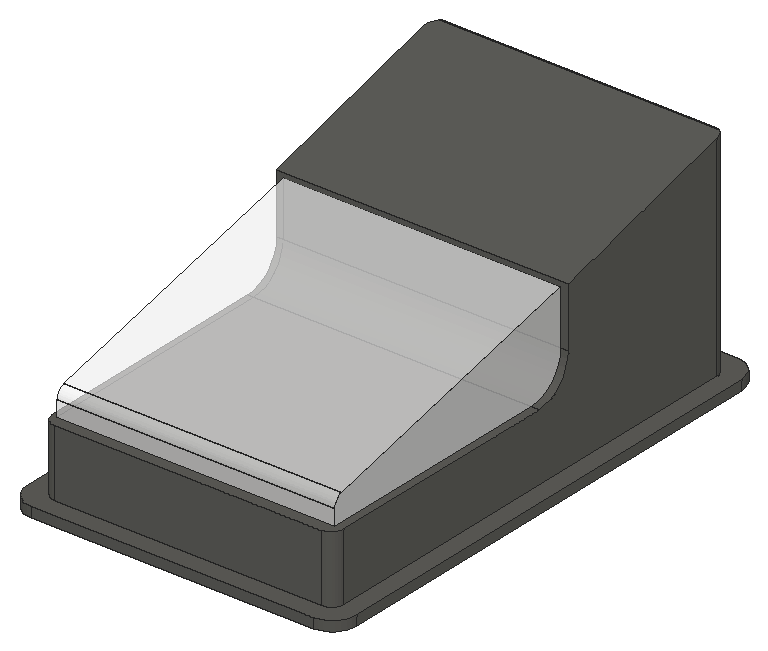
Revit family "PRS", category Lighting Fixtures, host Face, Revit 2021
Family settings
  Host = Face
  Round Connector Dimension = Use Diameter
  Part Type = Normal
  OmniClass Number = 23.80.70.14
  OmniClass Title = Luminaries for External Lighting
  Cut with Voids When Loaded = No
  Light Source = Yes
  Shared = Yes
  Room Calculation Point = No
Parameters (values of type "PRS-20-4K")
  Watts = 60 W
  Wattage Comments = "60W"
  Wattage = 22 W
  Warranty = "5 years Warranty"  # constant formula
  built-in parameter 1150110 = 1 (stored number, unit not read)
  Voltage = 120 V
  URL = "https://www.currentlighting.com/exo"
  built-in parameter 1114217 = 1 (stored number, unit not read)
  Tilt Angle = 180.00°
  built-in parameter 1150109 = 1 (stored number, unit not read)
  built-in parameter 1150134 = 12
  built-in parameter 1150113 = 1 (stored number, unit not read)
  Reflector Finish = White Glass
  Power Factor = 1
  Photometric Web File = "PRS-20-4K.ies"
  Model = "PRS-20-4K"
  Manufacturer = "EXO"  # constant formula
  built-in parameter 1150105 = -1191168 (stored number, unit not read)
  Lumens = 2112 lm
  built-in parameter 1150115 = 1 (stored number, unit not read)
  Load Classification = Lighting
  built-in parameter 1150137 = (empty or 0)
  built-in parameter 1150139 = (empty or 0)
  built-in parameter 1150112 = 1 (stored number, unit not read)
  built-in parameter 1150114 = 1 (stored number, unit not read)
  Lamp = "LED"  # constant formula
  built-in parameter 1150132 = (empty or 0)
  built-in parameter 1150102 = (empty or 0)
  built-in parameter 1150107 = 4000 (stored number, unit not read)
  built-in parameter 1150138 = (empty or 0)
  built-in parameter 1150106 = -11911.7 (stored number, unit not read)
  IP Rating = "IP65"  # constant formula
  Housing Material = Paint - Metallic Bronze Textured
  Features = "Non-cutoff retractor fills surrounding area with safety/security illumination\r\n• Durable polycarbonate front housing and lens are impact resistant\r\n• Optional photocontrol for automatic off during daylight hours\r\n• Easy to install by one person\r\n• Environmentally friendly with minimal uplight"  # constant formula
  built-in parameter 1150104 = 8.9187 (stored number, unit not read)
  Dimming Lamp Color Temperature Shift = <None>
  Description = "Perimashield PRS"  # constant formula
  Default Elevation = 48.000"
  Copyright = "© EXO"  # constant formula
  Contact = ""
  Connector Description = "Lighting Connector"  # constant formula
  Color Filter = 16777215
  built-in parameter 1114216 [instance] = (empty or 0)
  Certifications = "Fixture is IP65 rated,Listed to UL1598 for use in wet locations"  # constant formula
  built-in parameter 1114218 = 1 (stored number, unit not read)
  built-in parameter 1150133 = 10 (stored number, unit not read)
  Assembly Code = "D5020200"
  Apparent Load = Watts / Power Factor  # 60 VA
Types (2): name | Photometric Web File | Model
  PRS-20-4K | "PRS-20-4K.ies" | "PRS-20-4K"
  PRS-20-5K | "PRS-20-5K.ies" | "PRS-20-5K"
Reference planes (in)
  plane 1 "Center (Front/Back)": y = 0
  plane 2: z = 0
  plane 3 "Center (Left/Right)": x = 0
  plane 4: z = 9.34
  plane 5: z = 3.6
  plane 6: x = 3.4
  plane 7: x = -3.4
  plane 8: y = 5.45
  plane 9: y = -5.45
Forms (in)
  Extrusion 1, solid, material "Paint - Metallic Bronze Textured" <- "Housing Material", not visible
    sketch origin (5.5, 0, 0) x (1, 0, 0) y (0, 0, -1)
      loop
        line (-22.47056, -3.79487) -> (-22.47056, 0) -> (-23.47056, 0) -> (-23.47056, -3.79487) -> (-22.47056, -3.79487)
    from 2.03263 to 2.15664
  Extrusion 2, solid, material "Paint - Metallic Bronze Textured" <- "Housing Material", not visible
    sketch origin (5.5, 0, 0) x (0, -1, 0) y (0, 0, -1)
      loop
        line (2.03263, -0.0089) -> (2.03263, -0.1089) -> (6.53263, -0.1089) -> (6.53263, -0.0089) -> (2.03263, -0.0089)
    from 16.97056 to 17.97056
  Extrusion 3, solid, not visible
    sketch origin (-17, 0, 0) x (0, 1, 0) y (0, 0, 1)
      loop
        line (-2.03263, 3.74239) -> (-2.13263, 3.74239) -> (-2.13263, 0.2678)
        arc (-2.13263, 0.2678) -> (-2.18177, 0.14915) -> (-2.30043, 0.1) r 0.1678
        line (-2.30043, 0.1) -> (-6.03263, 0.1) -> (-6.03263, 0) -> (-2.17041, 0)
        arc (-2.17041, 0) -> (-2.07298, 0.04035) -> (-2.03263, 0.13778) r 0.13778
        line (-2.03263, 0.13778) -> (-2.03263, 3.74239)
    from 16.91201 to 18
  Extrusion 4, solid, material "Paint - Metallic Bronze Textured" <- "Housing Material"
    sketch origin (0, 0, 0) x (1, 0, 0) y (0, 1, 0)
      loop
        arc (-2.9, 5.45) -> (-3.25355, 5.30355) -> (-3.4, 4.95) r 0.5
        line (-3.4, 4.95) -> (-3.4, -4.95)
        arc (-3.4, -4.95) -> (-3.25355, -5.30355) -> (-2.9, -5.45) r 0.5
        line (-2.9, -5.45) -> (2.9, -5.45)
        arc (2.9, -5.45) -> (3.25355, -5.30355) -> (3.4, -4.95) r 0.5
        line (3.4, -4.95) -> (3.4, 4.95)
        arc (3.4, 4.95) -> (3.25355, 5.30355) -> (2.9, 5.45) r 0.5
        line (2.9, 5.45) -> (-2.9, 5.45)
    from 0.2 to 0.4
  Extrusion 5, solid
    sketch origin (0, 0, 0) x (1, 0, 0) y (0, 1, 0)
      loop
        line (2.75, 5.05) -> (-2.75, 5.05)
        arc (-2.75, 5.05) -> (-2.92678, 4.97678) -> (-3, 4.8) r 0.25
        line (-3, 4.8) -> (-3, -4.8)
        arc (-3, -4.8) -> (-2.92678, -4.97678) -> (-2.75, -5.05) r 0.25
        line (-2.75, -5.05) -> (2.75, -5.05)
        arc (2.75, -5.05) -> (2.92678, -4.97678) -> (3, -4.8) r 0.25
        line (3, -4.8) -> (3, 4.8)
        arc (3, 4.8) -> (2.92678, 4.97678) -> (2.75, 5.05) r 0.25
    from 0 to 0.2
  Extrusion 6, solid, material "Paint - Metallic Bronze Textured" <- "Housing Material"
    sketch origin (0, 0, 0) x (1, 0, 0) y (0, 1, 0)
      loop
        line (-3, 4.8) -> (-3, -4.8)
        arc (-3, -4.8) -> (-2.92678, -4.97678) -> (-2.75, -5.05) r 0.25
        line (-2.75, -5.05) -> (2.75, -5.05)
        arc (2.75, -5.05) -> (2.92678, -4.97678) -> (3, -4.8) r 0.25
        line (3, -4.8) -> (3, 4.8)
        arc (3, 4.8) -> (2.92678, 4.97678) -> (2.75, 5.05) r 0.25
        line (2.75, 5.05) -> (-2.75, 5.05)
        arc (-2.75, 5.05) -> (-2.92678, 4.97678) -> (-3, 4.8) r 0.25
    from 0 to 4.8
  Extrusion 7, void
    sketch origin (0, 0, 0) x (0, 1, 0) y (0, 0, 1)
      loop
        arc (0.99116, 3.76627) -> (3.8373, 4.55286) -> (6.74116, 5.08846) r 33.85582
        line (6.74116, 5.08846) -> (6.74116, 6.08846) -> (-6.00884, 6.08846) -> (-6.00884, 1.77706) -> (0.24116, 1.77706)
        arc (0.24116, 1.77706) -> (0.77149, 1.99673) -> (0.99116, 2.52706) r 0.75
        line (0.99116, 2.52706) -> (0.99116, 3.76627)
    from -4.08094 to 4.69644
  Extrusion 8, solid, material "White Glass" <- "Reflector Finish"
    sketch origin (0, 0, 0) x (0, 1, 0) y (0, 0, 1)
      loop
        line (-4.83125, 1.77706) -> (0.24116, 1.77706)
        arc (0.24116, 1.77706) -> (0.77149, 1.99673) -> (0.99116, 2.52706) r 0.75
        line (0.99116, 2.52706) -> (0.99116, 3.65872)
        arc (0.99116, 3.65872) -> (-1.85191, 3.0789) -> (-4.65842, 2.34225) r 52.28388
        arc (-4.65842, 2.34225) -> (-4.78325, 2.25574) -> (-4.83125, 2.11165) r 0.24024
        line (-4.83125, 2.11165) -> (-4.83125, 1.77706)
    from -2.87293 to 2.85051
Cuts and joins
  Extrusion 7 cuts Extrusion 6
Dimensions and locks (in)
  plane 4 to plane 2 = 9.340"  (x2)
  aligned and locked: plane 2 to host face
  aligned and locked: level to host face
Connectors (in)
  electrical at (0, 0, 0), driven by "Apparent Load"
    settings: on cut or joined group of Extrusion 6, Extrusion 7, index 1, voltage 120 V, apparent load 60 VA, apparent load phase1 0 VA, apparent load phase2 0 VA, apparent load phase3 0 VA, power factor 1, load classification "Other", number of poles 1, system type 30, power factor state 1, is connector primary yes, connector utility no, sub classification motor no, connector description "Lighting Connector"
